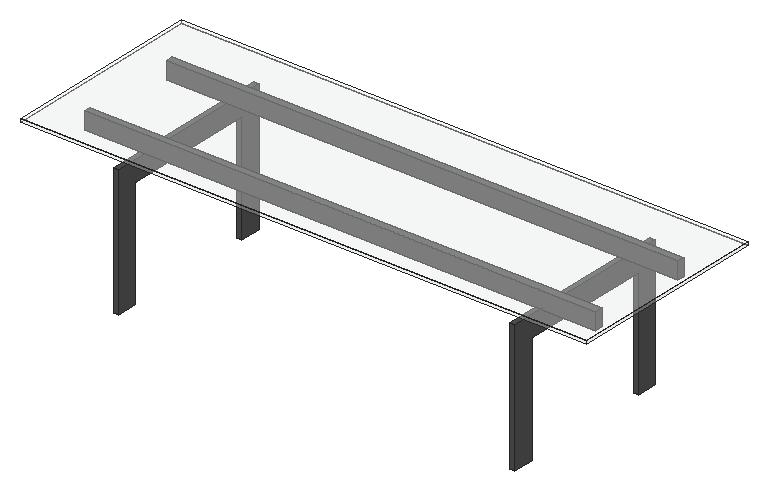
Revit family
Parameters (values of type "750 x 2100mm")
  Keynote = "N"
  Base Material = Metal - Chrome
  Height = 560.00 mm
  Length = 2100.00 mm
  Top Material = Glass - Clear, Grey
  Width = 750.00 mm
Types (4, lengths in mm): name | Height | Length | Width
  (no name) | 560.00 | 2100.00 | 750.00
  750 x 2100mm | 560.00 | 2100.00 | 750.00
  750 x 1500mm | 560.00 | 1500.00 | 750.00
  900 x 1800mm | 610.00 | 1800.00 | 900.00
Reference planes
  plane 1 "Center (Front/Back)": y = 95.211
  plane 2: z = 0
  plane 3 "Center (Left/Right)": x = 18.266
  plane 4 "Front": y = -279.789
  plane 5 "Left": x = -1031.734
  plane 6 "Right": x = 1068.266
  plane 7 "Back": y = 470.211
  plane 8 "Top": z = 560
Forms (mm)
  Extrusion 1, solid, material "Glass - Clear, Grey" <- "Top Material"
    sketch origin (0, 0, 560) x (-1, 0, 0) y (0, -1, 0)
      loop
        line (1031.734, -470.211) -> (1031.734, 279.789) -> (-1068.266, 279.789) -> (-1068.266, -470.211) -> (1031.734, -470.211)
    from 0 to -12.7
  Extrusion 2, solid, material "Metal - Chrome" <- "Base Material"
    sketch origin (-1031.734, 0, 0) x (0, 0, -1) y (0, -1, 0)
      loop
        line (0, -419.411) -> (0, -343.211) -> (-407.6, -343.211) -> (-407.6, 152.789) -> (0, 152.789) -> (0, 228.989) -> (-483.8, 228.989) -> (-483.8, -419.411) -> (0, -419.411)
    from -304.8 to -323.85
  Extrusion 3, solid, material "Metal - Chrome" <- "Base Material"
    sketch origin (1068.266, 0, 0) x (0, 0, -1) y (0, -1, 0)
      loop
        line (0, -343.211) -> (-407.6, -343.211) -> (-407.6, 152.789) -> (0, 152.789) -> (0, 228.989) -> (-483.8, 228.989) -> (-483.8, -419.411) -> (0, -419.411) -> (0, -343.211)
    from 304.8 to 323.85
  Extrusion 4, solid, material "Metal - Chrome" <- "Base Material"
    sketch origin (0, 0, 560) x (-1, 0, 0) y (0, -1, 0)
      loop
        line (930.134, -297.782) -> (930.134, -272.382) -> (-966.666, -272.382) -> (-966.666, -297.782) -> (930.134, -297.782)
      loop
        line (930.134, 82.589) -> (930.134, 107.989) -> (-966.666, 107.989) -> (-966.666, 82.589) -> (930.134, 82.589)
    from -12.7 to -76.2
Lines and regions (mm)
  Masking region 1
    outline origin (0, 0, 0) x (1, 0, 0) y (0, 1, 0)
      loop
        line (-1031.734, 470.211) -> (-1031.734, -279.789) -> (1068.266, -279.789) -> (1068.266, 470.211) -> (-1031.734, 470.211)
  symbolic lines, style "Furniture"
    curve 1: line (-1031.734, 470.211, 0) -> (1068.266, 470.211, 0)
    curve 2: line (-1031.734, -279.789, 0) -> (-1031.734, 470.211, 0)
    curve 3: line (1068.266, -279.789, 0) -> (-1031.734, -279.789, 0)
    curve 4: line (1068.266, 470.211, 0) -> (1068.266, -279.789, 0)
Dimensions and locks
  equal spacing: plane 5 "Left", plane 3 "Center (Left/Right)", plane 6 "Right"
  "Length": plane 5 "Left" to plane 6 "Right"
  equal spacing: plane 4 "Front", plane 1 "Center (Front/Back)", plane 7 "Back"
  "Width": plane 4 "Front" to plane 7 "Back"
  "Height": plane 2 to plane 8 "Top"
  locked: plane 7 "Back" to Extrusion 2 sketch curve at 50.8
  locked: Extrusion 2 sketch curve to plane 4 "Front" at 50.8
  locked: Extrusion 2 sketch curve to plane 8 "Top" at 76.2
  locked: Extrusion 3 sketch curve to plane 8 "Top" at 76.2
  aligned and locked: level to plane 2
  aligned and locked: Extrusion 3 sketch curve to Extrusion 2  (x2)
  aligned: plane 5 "Left" to Masking region 1 sketch curve
  aligned: Extrusion 1 to Masking region 1 sketch curve
Automatic sketch dimensions
  Extrusion 1 sketch curve to plane 6 "Right" = 0.00 mm
  Extrusion 1 sketch curve to plane 4 "Front" = 0.00 mm
  Extrusion 1 sketch curve to plane 5 "Left" = 0.00 mm
  Extrusion 1 sketch curve to plane 7 "Back" = 0.00 mm
  Extrusion 2 sketch curve to level = 0.00 mm  (x2)
  Extrusion 2 sketch curve to Extrusion 2 sketch curve = 76.20 mm  (x3)
  plane 6 "Right" to Extrusion 4 sketch curve = 101.60 mm  (x2)
  Extrusion 4 sketch curve to plane 5 "Left" = 101.60 mm  (x2)
  Extrusion 4 sketch curve to plane 1 "Center (Front/Back)" = 202.571 mm
  Extrusion 4 sketch curve to Extrusion 4 sketch curve = 25.40 mm  (x2)
  plane 1 "Center (Front/Back)" to Extrusion 4 sketch curve = 177.80 mm
  curve 3 to plane 4 "Front" = 0.00 mm
  curve 3 to plane 5 "Left" = 0.00 mm
  curve 3 to plane 6 "Right" = 0.00 mm
  curve 2 to plane 7 "Back" = 0.00 mm
  Extrusion 3 sketch curve to level = 0.00 mm  (x2)
  plane 7 "Back" to Extrusion 3 sketch curve = 50.80 mm
  Extrusion 3 sketch curve to Extrusion 3 sketch curve = 76.20 mm
  Extrusion 3 sketch curve to plane 4 "Front" = 50.80 mm
  Masking region 1 sketch curve to plane 4 "Front" = 0.00 mm
  Masking region 1 sketch curve to plane 5 "Left" = 0.00 mm
  Masking region 1 sketch curve to plane 6 "Right" = 0.00 mm
  Masking region 1 sketch curve to plane 7 "Back" = 0.00 mm
